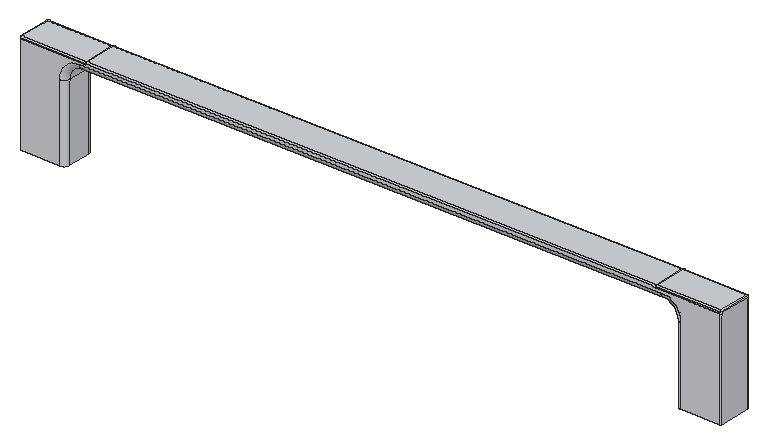
Revit family "Accessory-Towel_Bar-KOHLER-STRAYT-K-98419T", category Specialty Equipment, host Face, Revit 2017 (continued)
Definition of nested family "K-98419T"
  Lines and regions (in)
    symbolic lines, visible <- "Pattern", detail levels medium+fine
      curve 146: line (-8.64729, -0.15404, 0) -> (-8.50967, -0.23121, 0)
      curve 147: line (-8.64093, -0.04353, 0) -> (-8.66274, -0.11569, 0)
      curve 148: arc (-8.66274, -0.11569, 0) -> (-8.66176, -0.13759, 0) -> (-8.64729, -0.15404, 0) r 0.03301
      curve 149: arc (-8.50967, -0.23121, 0) -> (-8.48717, -0.23522, 0) -> (-8.46705, -0.22438, 0) r 0.03475
      curve 150: arc (-8.3791, 0.00487, 0) -> (-8.38865, 0.01706, 0) -> (-8.40199, 0.02493, 0) r 0.04174
      curve 151: arc (-8.35607, -0.10329, 0) -> (-8.34473, -0.079, 0) -> (-8.34934, -0.0526, 0) r 0.04464
      curve 152: arc (-8.6093, -0.23867, 0) -> (-8.65279, -0.20239, 0) -> (-8.69889, -0.23528, 0) r 0.04634
      curve 153: line (-8.69889, -0.23528, 0) -> (-8.73396, -0.35129, 0)
      curve 154: line (-8.71709, -0.37402, 0) -> (-8.60234, -0.37402, 0)
      curve 155: line (-8.5843, -0.35154, 0) -> (-8.6093, -0.23867, 0)
      curve 156: arc (-8.60234, -0.37402, 0) -> (-8.58793, -0.3671, 0) -> (-8.5843, -0.35154, 0) r 0.01848
      curve 157: arc (-8.73396, -0.35129, 0) -> (-8.73124, -0.3669, 0) -> (-8.71709, -0.37402, 0) r 0.01763
      curve 158: line (-8.56092, -0.275, 0) -> (-8.54435, -0.34983, 0)
      curve 159: line (-8.38077, -0.34863, 0) -> (-8.53991, -0.25939, 0)
      curve 160: arc (-8.53991, -0.25939, 0) -> (-8.55547, -0.26039, 0) -> (-8.56092, -0.275, 0) r 0.01434
      curve 161: line (-8.51422, -0.37402, 0) -> (-8.3874, -0.37402, 0)
      curve 162: arc (-8.54435, -0.34983, 0) -> (-8.53354, -0.36722, 0) -> (-8.51422, -0.37402, 0) r 0.03086
      curve 163: arc (-8.3874, -0.37402, 0) -> (-8.37428, -0.36389, 0) -> (-8.38077, -0.34863, 0) r 0.01356
      curve 164: line (-8.42271, -0.27998, 0) -> (-8.29781, -0.35002, 0)
      curve 165: arc (-8.29781, -0.35002, 0) -> (-8.28215, -0.35043, 0) -> (-8.27296, -0.33776, 0) r 0.0168
      curve 166: line (-8.27296, -0.33776, 0) -> (-8.23394, -0.06718, 0)
      curve 167: line (-8.25879, -0.0554, 0) -> (-8.42895, -0.24108, 0)
      curve 168: arc (-8.42895, -0.24108, 0) -> (-8.43524, -0.26203, 0) -> (-8.42271, -0.27998, 0) r 0.02513
      curve 169: arc (-8.23394, -0.06718, 0) -> (-8.24202, -0.05212, 0) -> (-8.25879, -0.0554, 0) r 0.01439
      curve 170: arc (-8.31976, -0.02411, 0) -> (-8.30472, -0.03468, 0) -> (-8.28745, -0.0284, 0) r 0.01988
      curve 171: line (-8.28745, -0.0284, 0) -> (-8.22444, 0.04035, 0)
      curve 172: line (-8.3969, 0.12486, 0) -> (-8.31976, -0.02411, 0)
      curve 173: arc (-8.22444, 0.04035, 0) -> (-8.21404, 0.08844, 0) -> (-8.25081, 0.12113, 0) r 0.04878
      curve 174: line (-8.25081, 0.12113, 0) -> (-8.38017, 0.14708, 0)
      curve 175: arc (-8.38017, 0.14708, 0) -> (-8.39553, 0.14124, 0) -> (-8.3969, 0.12486, 0) r 0.01543
      curve 176: line (-8.05192, -0.3483, 0) -> (-8.18032, -0.17882, 0)
      curve 177: line (-8.21471, -0.37402, 0) -> (-8.0647, -0.37402, 0)
      curve 178: arc (-8.23503, -0.35056, 0) -> (-8.23022, -0.36693, 0) -> (-8.21471, -0.37402, 0) r 0.02053
      curve 179: line (-8.21142, -0.18685, 0) -> (-8.23503, -0.35056, 0)
      curve 180: arc (-8.0647, -0.37402, 0) -> (-8.05034, -0.36512, 0) -> (-8.05192, -0.3483, 0) r 0.01603
      curve 181: arc (-8.18032, -0.17882, 0) -> (-8.19854, -0.17248, 0) -> (-8.21142, -0.18685, 0) r 0.0174
      curve 182: line (-8.0723, -0.2562, 0) -> (-7.98304, -0.37402, 0)
      curve 183: line (-7.98304, -0.37402, 0) -> (-7.94447, -0.37402, 0)
      curve 184: arc (-7.94447, -0.37402, 0) -> (-7.92528, -0.36606, 0) -> (-7.91732, -0.34686, 0) r 0.02715
      curve 185: line (-7.91732, -0.34686, 0) -> (-7.91732, -0.30283, 0)
      curve 186: line (-7.9342, -0.27931, 0) -> (-8.05869, -0.2373, 0)
      curve 187: arc (-7.91732, -0.30283, 0) -> (-7.92198, -0.28836, 0) -> (-7.9342, -0.27931, 0) r 0.02482
      curve 188: arc (-8.05869, -0.2373, 0) -> (-8.07248, -0.24173, 0) -> (-8.0723, -0.2562, 0) r 0.01218
      curve 189: line (-8.11183, -0.17782, 0) -> (-7.94173, -0.23522, 0)
      curve 190: arc (-7.94173, -0.23522, 0) -> (-7.92503, -0.23272, 0) -> (-7.91733, -0.2177, 0) r 0.01849
      curve 191: line (-7.91733, -0.2177, 0) -> (-7.91736, 0.021, 0)
      curve 192: line (-7.94077, 0.03064, 0) -> (-8.11868, -0.14882, 0)
      curve 193: line (-7.94077, 0.03064, 0) -> (-8.11868, -0.14882, 0)
      curve 194: arc (-8.11868, -0.14882, 0) -> (-8.1233, -0.16522, 0) -> (-8.11183, -0.17782, 0) r 0.01756
      curve 195: arc (-7.91736, 0.021, 0) -> (-7.92584, 0.03366, 0) -> (-7.94077, 0.03064, 0) r 0.01369
      curve 196: line (-7.91733, -0.2177, 0) -> (-7.91736, 0.021, 0)
      curve 197: line (-8.13647, -0.11084, 0) -> (-7.9862, 0.04073, 0)
      curve 198: arc (-8.19616, -0.0811, 0) -> (-8.17707, -0.11755, 0) -> (-8.13647, -0.11084, 0) r 0.03512
      curve 199: line (-8.17295, 0.07989, 0) -> (-8.19616, -0.0811, 0)
      curve 200: line (-7.99507, 0.06983, 0) -> (-8.14469, 0.09984, 0)
      curve 201: arc (-7.9862, 0.04073, 0) -> (-7.98194, 0.05793, 0) -> (-7.99507, 0.06983, 0) r 0.01727
      curve 202: arc (-8.14469, 0.09984, 0) -> (-8.16311, 0.09595, 0) -> (-8.17295, 0.07989, 0) r 0.02382
      curve 203: arc (-8.07281, 0.12558, 0) -> (-8.05827, 0.13271, 0) -> (-8.06139, 0.1486, 0) r 0.0133
      curve 204: line (-8.06139, 0.1486, 0) -> (-8.30205, 0.36086, 0)
      curve 205: line (-8.41842, 0.19491, 0) -> (-8.07281, 0.12558, 0)
      curve 206: arc (-8.44261, 0.21312, 0) -> (-8.43258, 0.20126, 0) -> (-8.41842, 0.19491, 0) r 0.03498
      curve 207: line (-8.51239, 0.3479, 0) -> (-8.44261, 0.21312, 0)
      curve 208: line (-8.33686, 0.37402, 0) -> (-8.49651, 0.37402, 0)
      curve 209: arc (-8.49651, 0.37402, 0) -> (-8.51179, 0.36542, 0) -> (-8.51239, 0.3479, 0) r 0.01789
      curve 210: arc (-8.30205, 0.36086, 0) -> (-8.31826, 0.37062, 0) -> (-8.33686, 0.37402, 0) r 0.05262
      curve 211: line (-8.11677, 0.27887, 0) -> (-8.06888, 0.34883, 0)
      curve 212: line (-8.08216, 0.37402, 0) -> (-8.22103, 0.37402, 0)
      curve 213: arc (-8.22103, 0.37402, 0) -> (-8.23391, 0.36512, 0) -> (-8.23014, 0.34993, 0) r 0.01377
      curve 214: line (-8.23014, 0.34993, 0) -> (-8.14551, 0.27529, 0)
      curve 215: arc (-8.14551, 0.27529, 0) -> (-8.13033, 0.2706, 0) -> (-8.11677, 0.27887, 0) r 0.01933
      curve 216: line (-8.11677, 0.27887, 0) -> (-8.06888, 0.34883, 0)
      curve 217: arc (-8.06888, 0.34883, 0) -> (-8.06793, 0.36543, 0) -> (-8.08216, 0.37402, 0) r 0.01609
      curve 218: line (-8.00916, 0.36638, 0) -> (-8.08501, 0.25555, 0)
      curve 219: line (-8.08031, 0.21778, 0) -> (-7.94818, 0.10125, 0)
      curve 220: arc (-7.94818, 0.10125, 0) -> (-7.92826, 0.09825, 0) -> (-7.91732, 0.11518, 0) r 0.01857
      curve 221: arc (-8.08501, 0.25555, 0) -> (-8.08982, 0.23578, 0) -> (-8.08031, 0.21778, 0) r 0.02873
      curve 222: line (-7.93806, 0.37402, 0) -> (-7.99469, 0.37402, 0)
      curve 223: arc (-7.91732, 0.35328, 0) -> (-7.9234, 0.36794, 0) -> (-7.93806, 0.37402, 0) r 0.02073
      curve 224: arc (-7.99469, 0.37402, 0) -> (-8.00287, 0.37199, 0) -> (-8.00916, 0.36638, 0) r 0.01754
      curve 225: line (-7.91732, 0.35328, 0) -> (-7.91732, 0.11518, 0)
      curve 226: arc (-9.44015, 0.16276, 0) -> (-9.4383, 0.18092, 0) -> (-9.44788, 0.19647, 0) r 0.02844
      curve 227: arc (-9.32616, 0.14671, 0) -> (-9.30704, 0.14598, 0) -> (-9.30138, 0.16427, 0) r 0.01572
      curve 228: arc (-9.37515, 0.36368, 0) -> (-9.38095, 0.37118, 0) -> (-9.38999, 0.37402, 0) r 0.01582
      curve 229: line (9.5182, 0.3059, 0) -> (9.32616, 0.14671, 0)
      curve 230: arc (9.49364, 0.37402, 0) -> (9.52984, 0.34858, 0) -> (9.5182, 0.3059, 0) r 0.03849
      curve 231: line (9.39384, 0.37402, 0) -> (9.49364, 0.37402, 0)
      curve 232: line (9.30138, 0.16427, 0) -> (9.37382, 0.36008, 0)
      curve 233: line (9.44788, 0.19647, 0) -> (9.5057, 0.2444, 0)
      curve 234: line (9.44788, 0.19647, 0) -> (9.5057, 0.2444, 0)
      curve 235: arc (9.5057, 0.2444, 0) -> (9.52245, 0.24653, 0) -> (9.5315, 0.23227, 0) r 0.01575
      curve 236: line (9.5315, 0.23227, 0) -> (9.5315, 0.02783, 0)
      curve 237: arc (9.5315, 0.02783, 0) -> (9.52033, 0.01398, 0) -> (9.50443, 0.02194, 0) r 0.01417
      curve 238: line (9.50443, 0.02194, 0) -> (9.44015, 0.16276, 0)
      curve 239: line (9.41017, 0.13363, 0) -> (9.5052, -0.07455, 0)
      curve 240: arc (9.38033, 0.14047, 0) -> (9.39694, 0.14442, 0) -> (9.41017, 0.13363, 0) r 0.01928
      curve 241: line (9.25411, 0.03584, 0) -> (9.38033, 0.14047, 0)
      curve 242: line (9.22397, -0.04579, 0) -> (9.25411, 0.03584, 0)
      curve 243: arc (9.23234, -0.07444, 0) -> (9.22342, -0.0615, 0) -> (9.22397, -0.04579, 0) r 0.02505
      curve 244: line (9.33716, -0.15383, 0) -> (9.23234, -0.07444, 0)
      curve 245: line (9.4575, -0.14347, 0) -> (9.36624, -0.16067, 0)
      curve 246: arc (9.36624, -0.16067, 0) -> (9.35097, -0.16033, 0) -> (9.33716, -0.15383, 0) r 0.03686
      curve 247: line (9.49913, -0.10489, 0) -> (9.4575, -0.14347, 0)
      curve 248: arc (9.5052, -0.07455, 0) -> (9.50707, -0.0907, 0) -> (9.49913, -0.10489, 0) r 0.02641
      curve 249: line (9.4125, -0.23887, 0) -> (9.50504, -0.15309, 0)
      curve 250: line (9.4125, -0.23887, 0) -> (9.50504, -0.15309, 0)
      curve 251: line (9.5315, -0.16464, 0) -> (9.5315, -0.3189, 0)
      curve 252: line (9.50665, -0.33175, 0) -> (9.41431, -0.26638, 0)
      curve 253: arc (9.5315, -0.3189, 0) -> (9.52298, -0.33288, 0) -> (9.50665, -0.33175, 0) r 0.01575
      curve 254: arc (9.41431, -0.26638, 0) -> (9.40686, -0.25306, 0) -> (9.4125, -0.23887, 0) r 0.01776
      curve 255: arc (9.50504, -0.15309, 0) -> (9.52205, -0.15021, 0) -> (9.5315, -0.16464, 0) r 0.01575
      curve 256: line (9.3831, -0.29253, 0) -> (9.46647, -0.35151, 0)
      curve 257: arc (9.46657, -0.35161, 0) -> (9.4712, -0.36542, 0) -> (9.45944, -0.37402, 0) r 0.01233
      curve 258: line (9.45944, -0.37402, 0) -> (9.30151, -0.37402, 0)
      curve 259: arc (9.30151, -0.37402, 0) -> (9.2888, -0.36535, 0) -> (9.29223, -0.35036, 0) r 0.01365
      curve 260: line (9.29223, -0.35036, 0) -> (9.3523, -0.29448, 0)
      curve 261: line (9.3634, -0.2307, 0) -> (9.22472, -0.35925, 0)
      curve 262: arc (9.35243, -0.29455, 0) -> (9.36741, -0.2881, 0) -> (9.3831, -0.29253, 0) r 0.02439
      curve 263: arc (9.34978, -0.20368, 0) -> (9.36676, -0.21206, 0) -> (9.3634, -0.2307, 0) r 0.01575
      curve 264: line (9.10264, -0.25025, 0) -> (9.34978, -0.20368, 0)
      curve 265: arc (9.22472, -0.35925, 0) -> (9.17976, -0.37367, 0) -> (9.13986, -0.34844, 0) r 0.05577
      curve 266: line (9.13986, -0.34844, 0) -> (9.0923, -0.27422, 0)
      curve 267: arc (9.0923, -0.27422, 0) -> (9.0911, -0.25949, 0) -> (9.10264, -0.25025, 0) r 0.01575
      curve 268: line (9.26306, -0.18012, 0) -> (8.98411, -0.23269, 0)
      curve 269: arc (9.26965, -0.15209, 0) -> (9.27547, -0.16825, 0) -> (9.26306, -0.18012, 0) r 0.01575
      curve 270: line (9.13067, -0.04682, 0) -> (9.26965, -0.15209, 0)
      curve 271: arc (9.09579, -0.05105, 0) -> (9.11238, -0.04188, 0) -> (9.13067, -0.04682, 0) r 0.02526
      curve 272: line (8.96904, -0.20745, 0) -> (9.09579, -0.05105, 0)
      curve 273: arc (8.98411, -0.23269, 0) -> (8.96776, -0.22533, 0) -> (8.96904, -0.20745, 0) r 0.01566
      curve 274: arc (9.01787, -0.26639, 0) -> (9.03559, -0.26836, 0) -> (9.04917, -0.2799, 0) r 0.03048
      curve 275: line (8.92022, -0.28479, 0) -> (9.01787, -0.26639, 0)
      curve 276: line (9.04917, -0.2799, 0) -> (9.09395, -0.34977, 0)
      curve 277: arc (9.09395, -0.34977, 0) -> (9.09451, -0.36582, 0) -> (9.08069, -0.37402, 0) r 0.01575
      curve 278: line (9.08069, -0.37402, 0) -> (8.86473, -0.37402, 0)
      curve 279: line (8.85337, -0.35018, 0) -> (8.89338, -0.30081, 0)
      curve 280: arc (8.89338, -0.30081, 0) -> (8.90537, -0.29042, 0) -> (8.92022, -0.28479, 0) r 0.04536
      curve 281: arc (8.86473, -0.37402, 0) -> (8.85153, -0.36568, 0) -> (8.85337, -0.35018, 0) r 0.01463
      curve 282: arc (8.80151, -0.35163, 0) -> (8.78587, -0.3573, 0) -> (8.77354, -0.34614, 0) r 0.01613
      curve 283: line (8.77354, -0.34614, 0) -> (8.6944, -0.08434, 0)
      curve 284: line (8.91055, -0.21709, 0) -> (8.80151, -0.35163, 0)
      curve 285: line (8.71384, -0.06895, 0) -> (8.90347, -0.17872, 0)
      curve 286: arc (8.90347, -0.17872, 0) -> (8.91585, -0.19628, 0) -> (8.91055, -0.21709, 0) r 0.02567
      curve 287: arc (8.6944, -0.08434, 0) -> (8.69888, -0.07003, 0) -> (8.71384, -0.06895, 0) r 0.01333
      curve 288: line (8.93571, -0.15189, 0) -> (8.81992, -0.08487, 0)
      curve 289: arc (8.96826, -0.14589, 0) -> (8.95309, -0.1549, 0) -> (8.93571, -0.15189, 0) r 0.02547
      curve 290: line (9.06622, -0.02501, 0) -> (8.96826, -0.14589, 0)
      curve 291: arc (9.06261, 0.00473, 0) -> (9.07072, -0.00938, 0) -> (9.06622, -0.02501, 0) r 0.02084
      curve 292: line (8.95302, 0.08773, 0) -> (9.06261, 0.00473, 0)
      curve 293: arc (8.91919, 0.08967, 0) -> (8.9364, 0.09385, 0) -> (8.95302, 0.08773, 0) r 0.03041
      curve 294: line (8.86271, 0.05629, 0) -> (8.91919, 0.08967, 0)
      curve 295: arc (8.8377, 0.02575, 0) -> (8.8475, 0.04324, 0) -> (8.86271, 0.05629, 0) r 0.05739
      curve 296: line (8.80923, -0.05608, 0) -> (8.8377, 0.02575, 0)
      curve 297: arc (8.81992, -0.08487, 0) -> (8.8094, -0.0724, 0) -> (8.80923, -0.05608, 0) r 0.02411
      curve 298: line (9.16675, -0.02476, 0) -> (8.99539, 0.10503, 0)
      curve 299: line (9.30653, 0.29151, 0) -> (9.19255, -0.01722, 0)
      curve 300: line (8.99715, 0.13574, 0) -> (9.28755, 0.30735, 0)
      curve 301: arc (9.19255, -0.01722, 0) -> (9.18155, -0.02748, 0) -> (9.16675, -0.02476, 0) r 0.01673
      curve 302: arc (8.99539, 0.10503, 0) -> (8.98808, 0.12086, 0) -> (8.99715, 0.13574, 0) r 0.01852
      curve 303: arc (9.28755, 0.30735, 0) -> (9.30263, 0.30613, 0) -> (9.30653, 0.29151, 0) r 0.01312
      curve 304: line (9.28122, 0.34935, 0) -> (8.8955, 0.1214, 0)
      curve 305: arc (9.27447, 0.37402, 0) -> (9.28726, 0.36425, 0) -> (9.28122, 0.34935, 0) r 0.01326
      curve 306: line (8.97764, 0.37402, 0) -> (9.27447, 0.37402, 0)
      curve 307: arc (8.95274, 0.35632, 0) -> (8.96236, 0.36914, 0) -> (8.97764, 0.37402, 0) r 0.02636
      curve 308: line (8.87642, 0.13702, 0) -> (8.95274, 0.35632, 0)
      curve 309: arc (8.8955, 0.1214, 0) -> (8.88051, 0.12255, 0) -> (8.87642, 0.13702, 0) r 0.01313
      curve 310: arc (8.88244, 0.37402, 0) -> (8.90259, 0.36362, 0) -> (8.90578, 0.34118, 0) r 0.02471
      curve 311: line (8.90578, 0.34118, 0) -> (8.87654, 0.25714, 0)
      curve 312: arc (8.87654, 0.25714, 0) -> (8.86525, 0.23902, 0) -> (8.84727, 0.22753, 0) r 0.04839
      curve 313: line (8.84727, 0.22753, 0) -> (8.73545, 0.18716, 0)
      curve 314: arc (8.73545, 0.18716, 0) -> (8.71596, 0.18742, 0) -> (8.70146, 0.20046, 0) r 0.0277
      curve 315: line (8.70146, 0.20046, 0) -> (8.623, 0.35171, 0)
      curve 316: line (8.63656, 0.37402, 0) -> (8.88244, 0.37402, 0)
      curve 317: arc (8.623, 0.35171, 0) -> (8.6235, 0.36667, 0) -> (8.63656, 0.37402, 0) r 0.01528
      curve 318: line (8.58178, 0.34566, 0) -> (8.66334, 0.18845, 0)
      curve 319: line (8.65089, 0.15664, 0) -> (8.44582, 0.08261, 0)
      curve 320: line (8.42918, 0.10158, 0) -> (8.55556, 0.34565, 0)
      curve 321: line (8.42918, 0.10158, 0) -> (8.55556, 0.34565, 0)
      curve 322: arc (8.66334, 0.18845, 0) -> (8.66433, 0.16972, 0) -> (8.65089, 0.15664, 0) r 0.0227
      curve 323: arc (8.55556, 0.34565, 0) -> (8.56867, 0.35362, 0) -> (8.58178, 0.34566, 0) r 0.01477
      curve 324: arc (8.44582, 0.08261, 0) -> (8.43103, 0.08642, 0) -> (8.42918, 0.10158, 0) r 0.01355
      curve 325: line (8.84106, 0.15518, 0) -> (8.77553, -0.03314, 0)
      curve 326: line (8.57634, 0.08787, 0) -> (8.82013, 0.17587, 0)
      curve 327: line (8.74813, -0.04331, 0) -> (8.57364, 0.0577, 0)
      curve 328: arc (8.57364, 0.0577, 0) -> (8.56537, 0.07364, 0) -> (8.57634, 0.08787, 0) r 0.0167
      curve 329: arc (8.82013, 0.17587, 0) -> (8.83712, 0.17213, 0) -> (8.84106, 0.15518, 0) r 0.0163
      curve 330: arc (8.77553, -0.03314, 0) -> (8.76423, -0.04467, 0) -> (8.74813, -0.04331, 0) r 0.01895
      curve 331: line (8.64093, -0.04353, 0) -> (8.66274, -0.11569, 0)
      curve 332: arc (8.61638, -0.01253, 0) -> (8.6316, -0.02569, 0) -> (8.64093, -0.04353, 0) r 0.0538
      curve 333: line (8.51741, 0.04476, 0) -> (8.61638, -0.01253, 0)
      curve 334: line (8.40199, 0.02493, 0) -> (8.46892, 0.04909, 0)
      curve 335: arc (8.46892, 0.04909, 0) -> (8.49365, 0.05229, 0) -> (8.51741, 0.04476, 0) r 0.05769
      curve 336: line (8.34929, -0.05242, 0) -> (8.3791, 0.00487, 0)
      curve 337: line (8.46705, -0.22438, 0) -> (8.35607, -0.10329, 0)
      curve 338: line (8.64729, -0.15404, 0) -> (8.50967, -0.23121, 0)
      curve 339: line (8.64093, -0.04353, 0) -> (8.66274, -0.11569, 0)
      curve 340: arc (8.66274, -0.11569, 0) -> (8.66176, -0.13759, 0) -> (8.64729, -0.15404, 0) r 0.03301
      curve 341: arc (8.50967, -0.23121, 0) -> (8.48717, -0.23522, 0) -> (8.46705, -0.22438, 0) r 0.03475
      curve 342: arc (8.3791, 0.00487, 0) -> (8.38865, 0.01706, 0) -> (8.40199, 0.02493, 0) r 0.04174
      curve 343: arc (8.35607, -0.10329, 0) -> (8.34473, -0.079, 0) -> (8.34934, -0.0526, 0) r 0.04464
      curve 344: arc (8.6093, -0.23867, 0) -> (8.65279, -0.20239, 0) -> (8.69889, -0.23528, 0) r 0.04634
      curve 345: line (8.69889, -0.23528, 0) -> (8.73396, -0.35129, 0)
      curve 346: line (8.71709, -0.37402, 0) -> (8.60234, -0.37402, 0)
      curve 347: line (8.5843, -0.35154, 0) -> (8.6093, -0.23867, 0)
      curve 348: arc (8.60234, -0.37402, 0) -> (8.58793, -0.3671, 0) -> (8.5843, -0.35154, 0) r 0.01848
      curve 349: arc (8.73396, -0.35129, 0) -> (8.73124, -0.3669, 0) -> (8.71709, -0.37402, 0) r 0.01763
      curve 350: line (8.56092, -0.275, 0) -> (8.54435, -0.34983, 0)
      curve 351: line (8.38077, -0.34863, 0) -> (8.53991, -0.25939, 0)
      curve 352: arc (8.53991, -0.25939, 0) -> (8.55547, -0.26039, 0) -> (8.56092, -0.275, 0) r 0.01434
      curve 353: line (8.51422, -0.37402, 0) -> (8.3874, -0.37402, 0)
      curve 354: arc (8.54435, -0.34983, 0) -> (8.53354, -0.36722, 0) -> (8.51422, -0.37402, 0) r 0.03086
      curve 355: arc (8.3874, -0.37402, 0) -> (8.37428, -0.36389, 0) -> (8.38077, -0.34863, 0) r 0.01356
      curve 356: line (8.42271, -0.27998, 0) -> (8.29781, -0.35002, 0)
      curve 357: arc (8.29781, -0.35002, 0) -> (8.28215, -0.35043, 0) -> (8.27296, -0.33776, 0) r 0.0168
      curve 358: line (8.27296, -0.33776, 0) -> (8.23394, -0.06718, 0)
      curve 359: line (8.25879, -0.0554, 0) -> (8.42895, -0.24108, 0)
      curve 360: arc (8.42895, -0.24108, 0) -> (8.43524, -0.26203, 0) -> (8.42271, -0.27998, 0) r 0.02513
      curve 361: arc (8.23394, -0.06718, 0) -> (8.24202, -0.05212, 0) -> (8.25879, -0.0554, 0) r 0.01439
      curve 362: arc (8.31976, -0.02411, 0) -> (8.30472, -0.03468, 0) -> (8.28745, -0.0284, 0) r 0.01988
      curve 363: line (8.28745, -0.0284, 0) -> (8.22444, 0.04035, 0)
      curve 364: line (8.3969, 0.12486, 0) -> (8.31976, -0.02411, 0)
      curve 365: arc (8.22444, 0.04035, 0) -> (8.21404, 0.08844, 0) -> (8.25081, 0.12113, 0) r 0.04878
      curve 366: line (8.25081, 0.12113, 0) -> (8.38017, 0.14708, 0)
      curve 367: arc (8.38017, 0.14708, 0) -> (8.39553, 0.14124, 0) -> (8.3969, 0.12486, 0) r 0.01543
      curve 368: line (8.05192, -0.3483, 0) -> (8.18032, -0.17882, 0)
      curve 369: line (8.21471, -0.37402, 0) -> (8.0647, -0.37402, 0)
      curve 370: arc (8.23503, -0.35056, 0) -> (8.23022, -0.36693, 0) -> (8.21471, -0.37402, 0) r 0.02053
      curve 371: line (8.21142, -0.18685, 0) -> (8.23503, -0.35056, 0)
      curve 372: arc (8.0647, -0.37402, 0) -> (8.05034, -0.36512, 0) -> (8.05192, -0.3483, 0) r 0.01603
      curve 373: arc (8.18032, -0.17882, 0) -> (8.19854, -0.17248, 0) -> (8.21142, -0.18685, 0) r 0.0174
      curve 374: line (8.0723, -0.2562, 0) -> (7.98304, -0.37402, 0)
      curve 375: line (7.98304, -0.37402, 0) -> (7.94447, -0.37402, 0)
      curve 376: arc (7.94447, -0.37402, 0) -> (7.92528, -0.36606, 0) -> (7.91732, -0.34686, 0) r 0.02715
      curve 377: line (7.91732, -0.34686, 0) -> (7.91732, -0.30283, 0)
      curve 378: line (7.9342, -0.27931, 0) -> (8.05869, -0.2373, 0)
      curve 379: arc (7.91732, -0.30283, 0) -> (7.92198, -0.28836, 0) -> (7.9342, -0.27931, 0) r 0.02482
      curve 380: arc (8.05869, -0.2373, 0) -> (8.07248, -0.24173, 0) -> (8.0723, -0.2562, 0) r 0.01218
      curve 381: line (8.11183, -0.17782, 0) -> (7.94173, -0.23522, 0)
      curve 382: arc (7.94173, -0.23522, 0) -> (7.92503, -0.23272, 0) -> (7.91733, -0.2177, 0) r 0.01849
      curve 383: line (7.91733, -0.2177, 0) -> (7.91736, 0.021, 0)
      curve 384: line (7.94077, 0.03064, 0) -> (8.11868, -0.14882, 0)
      curve 385: line (7.94077, 0.03064, 0) -> (8.11868, -0.14882, 0)
      curve 386: arc (8.11868, -0.14882, 0) -> (8.1233, -0.16522, 0) -> (8.11183, -0.17782, 0) r 0.01756
      curve 387: arc (7.91736, 0.021, 0) -> (7.92584, 0.03366, 0) -> (7.94077, 0.03064, 0) r 0.01369
      curve 388: line (7.91733, -0.2177, 0) -> (7.91736, 0.021, 0)
      curve 389: line (8.13647, -0.11084, 0) -> (7.9862, 0.04073, 0)
      curve 390: arc (8.19616, -0.0811, 0) -> (8.17707, -0.11755, 0) -> (8.13647, -0.11084, 0) r 0.03512
      curve 391: line (8.17295, 0.07989, 0) -> (8.19616, -0.0811, 0)
      curve 392: line (7.99507, 0.06983, 0) -> (8.14469, 0.09984, 0)
      curve 393: arc (7.9862, 0.04073, 0) -> (7.98194, 0.05793, 0) -> (7.99507, 0.06983, 0) r 0.01727
      curve 394: arc (8.14469, 0.09984, 0) -> (8.16311, 0.09595, 0) -> (8.17295, 0.07989, 0) r 0.02382
      curve 395: arc (8.07281, 0.12558, 0) -> (8.05827, 0.13271, 0) -> (8.06139, 0.1486, 0) r 0.0133
      curve 396: line (8.06139, 0.1486, 0) -> (8.30205, 0.36086, 0)
      curve 397: line (8.41842, 0.19491, 0) -> (8.07281, 0.12558, 0)
      curve 398: arc (8.44261, 0.21312, 0) -> (8.43258, 0.20126, 0) -> (8.41842, 0.19491, 0) r 0.03498
      curve 399: line (8.51239, 0.3479, 0) -> (8.44261, 0.21312, 0)
      curve 400: line (8.33686, 0.37402, 0) -> (8.49651, 0.37402, 0)
      curve 401: arc (8.49651, 0.37402, 0) -> (8.51179, 0.36542, 0) -> (8.51239, 0.3479, 0) r 0.01789
      curve 402: arc (8.30205, 0.36086, 0) -> (8.31826, 0.37062, 0) -> (8.33686, 0.37402, 0) r 0.05262
      curve 403: line (8.11677, 0.27887, 0) -> (8.06888, 0.34883, 0)
      curve 404: line (8.08216, 0.37402, 0) -> (8.22103, 0.37402, 0)
      curve 405: arc (8.22103, 0.37402, 0) -> (8.23391, 0.36512, 0) -> (8.23014, 0.34993, 0) r 0.01377
      curve 406: line (8.23014, 0.34993, 0) -> (8.14551, 0.27529, 0)
      curve 407: arc (8.14551, 0.27529, 0) -> (8.13033, 0.2706, 0) -> (8.11677, 0.27887, 0) r 0.01933
      curve 408: line (8.11677, 0.27887, 0) -> (8.06888, 0.34883, 0)
      curve 409: arc (8.06888, 0.34883, 0) -> (8.06793, 0.36543, 0) -> (8.08216, 0.37402, 0) r 0.01609
      curve 410: line (8.01253, 0.36146, 0) -> (8.08501, 0.25555, 0)
      curve 411: line (8.08031, 0.21778, 0) -> (7.94818, 0.10125, 0)
      curve 412: arc (7.94818, 0.10125, 0) -> (7.92826, 0.09825, 0) -> (7.91732, 0.11518, 0) r 0.01857
      curve 413: arc (8.08501, 0.25555, 0) -> (8.08982, 0.23578, 0) -> (8.08031, 0.21778, 0) r 0.02873
      curve 414: line (7.93806, 0.37402, 0) -> (7.98871, 0.37402, 0)
      curve 415: arc (7.91732, 0.35328, 0) -> (7.9234, 0.36794, 0) -> (7.93806, 0.37402, 0) r 0.02073
      curve 416: line (7.91732, 0.35328, 0) -> (7.91732, 0.11518, 0)
      curve 417: arc (9.44015, 0.16276, 0) -> (9.4383, 0.18092, 0) -> (9.44788, 0.19647, 0) r 0.02844
      curve 418: arc (9.32616, 0.14671, 0) -> (9.30704, 0.14598, 0) -> (9.30138, 0.16427, 0) r 0.01572
      curve 419: arc (9.37382, 0.36008, 0) -> (9.38164, 0.37019, 0) -> (9.39384, 0.37402, 0) r 0.02134
      curve 420: arc (7.98871, 0.37402, 0) -> (8.00218, 0.37068, 0) -> (8.01253, 0.36146, 0) r 0.02886
  Dimensions and locks (in)
    plane 4 to plane 5 = 18"
    plane 10 to plane 11 = 1.25984"
    plane 6 to plane 7 = 0.94488"
    plane 13 to level = 2.79528"
    plane 8 to plane 9 = 1.25984"
    aligned and locked: plane 2 to level
    aligned and locked: profile plane to Sweep 2 sketch curve
Types (4): name | pattren | Without pattern | Type | Model | Finish
  (no name) | no | yes | 1 | "K-98419T-CP" | Kohler-Metal-CP-Polished_Chrome
  CP-Polished chrome | no | yes | 1 | "K-98419T-CP" | Kohler-Metal-CP-Polished_Chrome
  DRP, CP-Polished chrome | yes | no | 2 | "K-98419T-DPR-CP" | Kohler-Metal-Red
  DPW, CP- Polished chrome | yes | no | 3 | "K-98419T-DPW-CP" | Kohler-Plastic-0-White
